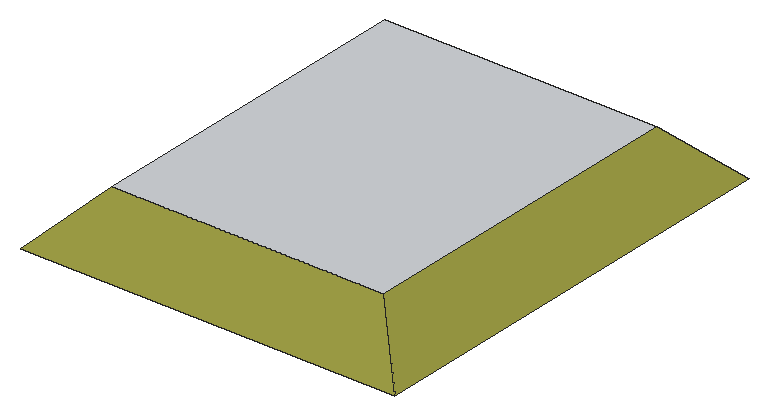
Revit family "KCPD_DA KE GOI_2", category Generic Models, Revit 2027
Family settings
  Can host rebar = Yes
  Round Connector Dimension = Use Diameter
  Part Type = Normal
  Work Plane-Based = No
  Always vertical = Yes
  Cut with Voids When Loaded = No
  Maintain Annotation Orientation = No
  Shared = No
  Room Calculation Point = No
Parameters
  Đơn vị = "CẤU KIỆN"
  RebarVolumn [instance] = ""
  Tên nhóm cấu kiện [instance] = ""
  Tên cấu kiện [instance] = ""
  Tên công trình [instance] = ""
  Thời gian kết thúc [instance] = ""
  Thời gian bắt đầu [instance] = ""
  Nhóm cấu kiện = "GỐI"
  Mô tả [instance] = ""
  Model Material = none
  Loại cấu kiện = "ĐÁ KÊ GỐI"
  Loại bê tông [instance] = ""
  Khối lượng bê tông [instance] = 0.00 m³
  Hạng mục = "KẾT CẤU KHÁC"
  Giá trị [instance] = ""
  Diện tích ván khuôn [instance] = 0.00 m²
  Default Elevation = 0 mm
  DKG_W_Top [instance] = 800 mm
  DKG_W_Bottom [instance] = 1000 mm
  DKG_L_Top [instance] = 1000 mm
  DKG_L_Bottom [instance] = 1200 mm
  DKG_H [instance] = 100 mm
  Cường độ chịu nén bê tông sau 28 ngày (MPa) [instance] = ""
  Công trình = "CẦU"
  A_Góc xoay [instance] = 0.00°
  A5 [instance] = if(DKG_W_Bottom > DKG_W_Top, DKG_W_Bottom + 2 mm * 50, DKG_W_Bottom)  # 1100 mm
  A4 [instance] = if(DKG_L_Bottom > DKG_L_Top, DKG_L_Bottom + 2 mm * 50, DKG_L_Bottom)  # 1300 mm
  A2 [instance] = (DKG_W_Bottom - DKG_W_Top) * 0.5  # 100 mm
  A1 [instance] = (DKG_L_Bottom - DKG_L_Top) * 0.5  # 100 mm
Reference planes
  plane 1 "Center (Front/Back)": y = 0
  plane 2: z = 0
  plane 3 "Center (Left/Right)": x = 0
  plane 4: z = 100
  plane 5: x = 550
  plane 6: x = -550
  plane 7: y = 650
  plane 8: y = -650
  plane 9: x = 400
  plane 10: x = -400
  plane 11: y = 500
  plane 12: y = -500
  plane 13: z = -50
Forms (mm)
  SweptBlend 1, solid, material <- "Model Material"
    path origin (0, 0, 0) x (1, 0, 0) y (0, 0, 1)
      loop
        line (0, -50) -> (0, 100)
    profile origin (0, 0, -50) x (-1, 0, 0) y (0, -1, 0)
      loop
        line (-550, -650) -> (550, -650) -> (550, 650) -> (-550, 650) -> (-550, -650)
    end profile origin (0, 0, 100) x (-1, 0, 0) y (0, -1, 0)
      loop
        line (400, -500) -> (400, 500) -> (-400, 500) -> (-400, -500) -> (400, -500)
Dimensions and locks
  "DKG_H": plane 4 to level
  equal spacing: plane 6, plane 3 "Center (Left/Right)", plane 5
  "A5": plane 6 to plane 5
  equal spacing: plane 7, plane 1 "Center (Front/Back)", plane 8
  "A4": plane 7 to plane 8
  equal spacing: plane 10, plane 3 "Center (Left/Right)", plane 9
  "DKG_W_Top": plane 10 to plane 9
  equal spacing: plane 11, plane 1 "Center (Front/Back)", plane 12
  "DKG_L_Top": plane 11 to plane 12
  locked: plane 2 to plane 13 at 50
  aligned and locked: level to plane 2
  aligned and locked: plane 3 "Center (Left/Right)" to SweptBlend 1 sketch curve
  aligned and locked: plane 4 to SweptBlend 1 sketch curve
  aligned and locked: plane 13 to SweptBlend 1 sketch curve
Automatic sketch dimensions
  SweptBlend 1 sketch curve to plane 5 = 0 mm
  SweptBlend 1 sketch curve to plane 6 = 0 mm
  SweptBlend 1 sketch curve to plane 7 = 0 mm
  plane 8 to SweptBlend 1 sketch curve = 0 mm
  SweptBlend 1 sketch curve to plane 9 = 0 mm
  SweptBlend 1 sketch curve to plane 10 = 0 mm
  SweptBlend 1 sketch curve to plane 11 = 0 mm
  plane 12 to SweptBlend 1 sketch curve = 0 mm
